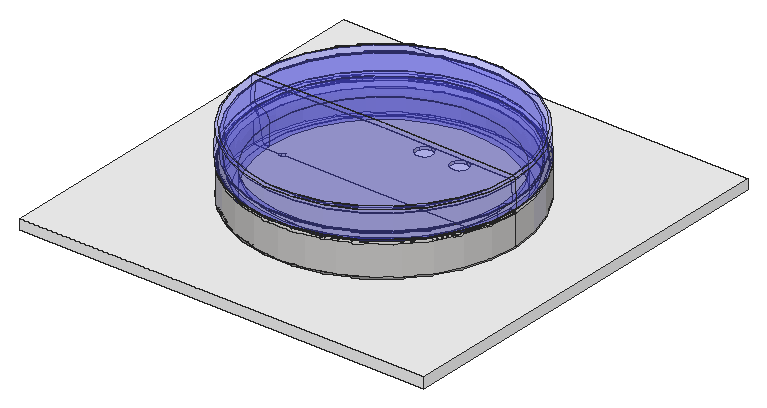
Revit family "BE_12130.2_de_DE", category Leuchten, Revit 2020
Family settings
  Basisbauteil = Fläche
  Bemaßung runder Anschluss = Durchmesser verwenden
  Teiletyp = Normal
  Beim Laden mit Abzugskörper schneiden = Ja
  Lichtquelle = Ja
  Gemeinsam genutzt = Nein
  Raumberechnungspunkt = Ja
Parameters (values of type "BEGA_12130.2_K3")
  built-in parameter 1150104 = 11.052 (stored number, unit not read)
  Wattage = 17.4 W
  Default Elevation = 0 mm
  built-in parameter 1150113 = 1 (stored number, unit not read)
  built-in parameter 1114218 = 1 (stored number, unit not read)
  Umgebungstemperatur = "25 °C"
  URL = "http://www.bega.de/de/produkt/12130.2"
  Typenkommentare = "© 2022 BEGA. Wir behalten uns das Recht vor, technische Änderungen ohne vorherige Ankündigung vorzunehmen."  # constant formula
  Type Image = 12130.2.png
  built-in parameter 1150134 = 12
  built-in parameter 1150109 = 1 (stored number, unit not read)
  Strom = ""
  built-in parameter 1150110 = 1 (stored number, unit not read)
  Spannung = 239.996 V
  Sonderanfertigung = no
  Seriennummer [instance] = "Hier können Sie die eindeutige Seriennummer für das Facility Management eintragen."
  Schutzklasse = "I"
  Schutzart = "IP 64"
  Scheinlast = 0 VA
  Produktdatenblatt = "http://www.bega.de/download/Xrfa/db/12130.2.db.de.pdf"
  Oberflächentemperatur = ""
  Neigungswinkel = 0.00°
  Model = "12130.2K4"
  Material_17 = BEGA_Reflektor
  Material_15 = BEGA_Leuchtmedium_matt
  Material_11 = BEGA_Glas_opal
  Material_09 = BEGA_Glas_klar
  Material_06 = BEGA_Oberfläche_Edelstahl_gebürstet
  Material_05 = BEGA_Oberfläche_Aluminium Guss
  Material_03 = BEGA_Oberfläche_Weiss_matt
  Material_02 = BEGA_Oberfläche_Silber_matt
  Material_01 [instance] = BEGA_Oberfläche_Grafit_matt
  M_W = no
  M_G = no
  M_A = no
  Logo = 0
  built-in parameter 1114217 = 1 (stored number, unit not read)
  built-in parameter 1150139 = (empty or 0)
  built-in parameter 1150105 = 164.72 (stored number, unit not read)
  built-in parameter 1150114 = 1 (stored number, unit not read)
  Lumens = 2069.9 lm
  built-in parameter 1150115 = 1 (stored number, unit not read)
  Leuchtenlichtstrom = "1267 lm"
  Leuchtenanzahl = ""
  Lebensdauerkriterien = "L70B50 @ 25 °C = 232000 h"
  Lastklassifizierung = Beleuchtung
  built-in parameter 1150112 = 1 (stored number, unit not read)
  Lampenlichtstrom = "2040 lm"
  Lamp = "LED 14.2 W"
  LED_Modulbezeichnung = "LED-0854/940"
  Hersteller = "BEGA"  # constant formula
  Halbstreuwinkel = ""
  Gewicht = "2.4 kg"
  Gebrauchslageneinschränkung [instance] = ""
  Frequenz = "0/50-60 Hz"
  Farbwiedergabeindex = "CRI > 90"
  Farbtemperaturverschiebung bei Dämpfen der Lampe = <Keine Auswahl>
  Farbtemperatur = "4000 K"
  Color Filter = 16777215
  built-in parameter 1150133 = 10 (stored number, unit not read)
  Energieeffizienzklasse = "LED A++ - A"
  built-in parameter 1150137 = (empty or 0)
  built-in parameter 1150132 = (empty or 0)
  ENEC = "ja"
  Dimmbar [instance] = "DALI"
  Photometric Web File = "BE_12130.2K4.IES"
  CE_Konformität = "ja"
  Bestellnummer = "12130.2K4"
  Beschreibung_Sonderanfertigung = "Hier können Sie Informationen zur Sonderanfertigung eintragen."
  Beschreibung = "Decken- und Wandleuchte"
  built-in parameter 1150106 = 1.6472 (stored number, unit not read)
  Befestigungsbohrung = "Ø 5,5 mm"
  Befestigungsabstand = "190 mm"
  Ballwurfsicher = ""
  BEGA_Intern_aus = yes
  BEGA_Intern_an = yes
  BEGA_Intern_Konstruktion = yes
  BEGA_Intern = yes
  BEGA_IES = yes
  BEGA_Dummy = no
  Anschlussleitung = ""
  Anschlussleistung [instance] = "16.1 W"
  Anschlusskasten = ""
  built-in parameter 1150107 = 4000 (stored number, unit not read)
  built-in parameter 1150102 = (empty or 0)
  built-in parameter 1150138 = (empty or 0)
  Aktualisierung = "2019-07-05T04:00:16"
  Abstand_zur_angestrahlten_Fläche [instance] = ""
  AC/DC = "AC/DC"
Reference planes
  plane 1 "Mitte (Vorne/Hinten)": y = 0
  plane 2: z = 0
  plane 3 "Mitte (Links/Rechts)": x = 0
  plane 4 "Links": x = -131.499
  plane 5 "Rechts": x = 131.499
  plane 6 "Unten": y = -131.5
  plane 7 "Oben": y = 131.5
  plane 8 "Vorne": z = 67.043
  plane 9 "Hinten": z = 0
Forms (mm)
  Extrusion 1, solid, material "BEGA_Platte_Weiss"
    sketch origin (0, -1119.2, 0) x (1, 0, 0) y (0, 1, 0)
      loop
        line (-200, 1319.2) -> (-200, 919.2) -> (200, 919.2) -> (200, 1319.2) -> (-200, 1319.2)
    from 0 to -10
  Extrusion 2, solid, material "BEGA_Dummy_matt", visible <- "BEGA_Dummy"
    sketch origin (77.149, -76.023, 0) x (1, 0, 0) y (0, 1, 0)
      loop
        circle (-77.149, 76.023) r 131.499
    from 0 to 67.043
Dimensions and locks
  plane 1 "Mitte (Vorne/Hinten)" to Extrusion 1 = 200 mm
  aligned and locked: plane 2 to Extrusion 1
  aligned and locked: level to Extrusion 1
Nested families
  nested 1: "BE_12130.2" at (0, 0, 0), type "BE_12130.2"
Connectors
  electrical at (0, 0, 0), driven by "Lastklassifizierung", driven by "Spannung", driven by "Scheinlast"
    settings: index 1, voltage 239.996 V, apparent load 0 VA, apparent load phase1 0 VA, apparent load phase2 0 VA, apparent load phase3 0 VA, power factor 1, load classification "Beleuchtung", number of poles 1, system type 31, power factor state 1, is connector primary yes, connector utility no, sub classification motor no, connector description ""
Definition of nested family "BE_12130.2"
  Parameters (values of type "BE_12130.2")
    Default Elevation = 1 mm
    URL = "http://www.bega.de/de/produkt"
    Type Comments = "© 2015 BEGA. Wir behalten uns das Recht vor, technische Änderungen ohne vorherige Ankündigung vorzunehmen. "  # constant formula
    Type Image = (empty or 0)
    Neigungswinkel_um_Z2 = 0.00°
    Neigungswinkel_um_Z1 = 0.00°
    Neigungswinkel_um_Y2 = 0.00°
    Neigungswinkel_um_Y1 = 0.00°
    Neigungswinkel_um_X2 = 0.00°
    Neigungswinkel_um_X1 = 0.00°
    Material_17 = none
    Material_15 = none
    Material_11 = none
    Material_09 = none
    Material_06 = none
    Material_05 = none
    Material_03 = none
    Material_02 = none
    Material_01 = none
    M_W = yes
    M_G = yes
    M_A = yes
    Länge_Platte = 400 mm  # constant formula
    Höhe_Platte = -10 mm  # constant formula
    Manufacturer = "BEGA"  # constant formula
    Drehwinkel_um_Z2 = 0.00°
    Drehwinkel_um_Z1 = 0.00°
    Breite_Platte = 400 mm  # constant formula
  Reference planes
    plane 1 "Mitte (Oben/Unten)": y = 0
    plane 2: z = 0
    plane 3 "Mitte (Links/Rechts)": x = 0
    plane 4: x = -131.499
    plane 5: z = 67.043
    plane 6: x = 131.499
    plane 7: y = -131.5
    plane 8: y = 131.5
  Forms (mm)
    Extrusion 1, solid, detail levels medium
      sketch origin (0, 0, 0) x (1, 0, 0) y (0, 1, 0)
        loop
          line (-200, 200) -> (-200, -200) -> (200, -200) -> (200, 200) -> (-200, 200)
      from 0 to -10 <- "Höhe_Platte"
    Revolve 2, solid, material <- "Material_06", detail levels medium+fine
      sketch origin (0, 0, 0) x (1, 0, 0) y (0, 0, 1)
        loop
          arc (-130.4, 3.5) -> (-129.814, 2.086) -> (-128.39, 1.49) r 2
          line (-128.39, 1.49) -> (0, 1.49) -> (0, 3.5) -> (-128.2, 3.5)
          arc (-128.2, 3.5) -> (-128.907, 3.793) -> (-129.2, 4.5) r 1
          line (-129.2, 4.5) -> (-129.2, 33.002) -> (-124.849, 28.651) -> (-124, 29.499) -> (-128.093, 33.592)
          arc (-128.093, 33.592) -> (-128.532, 33.886) -> (-129.05, 33.99) r 1.35
          arc (-129.05, 33.99) -> (-130.003, 33.596) -> (-130.4, 32.645) r 1.35
          line (-130.4, 32.645) -> (-130.4, 3.5)
        axis (0, 1.49) -> (0, 33.99)
      angle from 0 to 360
    Revolve 3, solid, material <- "Material_06", detail levels medium+fine
      sketch origin (0, 0, 0) x (1, 0, 0) y (0, 0, 1)
        loop
          arc (-109.291, 0.446) -> (-108.533, 0.114) -> (-107.714, 0) r 3
          line (-107.714, 0) -> (-100, 0) -> (-100, 2.209) -> (-112.15, 2.209) -> (-109.291, 0.446)
        axis (-100, 0) -> (-100, 2.209)
      angle from 0 to 360
    Revolve 4, solid, material <- "Material_06", detail levels medium+fine
      sketch origin (0, 0, 0) x (-1, 0, 0) y (0, 0, -1)
        loop
          line (-109.291, -0.446) -> (-112.15, -2.209) -> (-100, -2.209) -> (-100, 0) -> (-107.714, 0)
          arc (-107.714, 0) -> (-108.533, -0.114) -> (-109.291, -0.446) r 3
        axis (-100, 0) -> (-100, -2.209)
      angle from 0 to 360
    Revolve 5, solid, material <- "Material_11", detail levels medium+fine
      sketch origin (0, 0, 0) x (1, 0, 0) y (0, 0, 1)
        loop
          arc (-128.634, 65.043) -> (-129.995, 64.466) -> (-130.588, 63.111) r 2
          line (-130.588, 63.111) -> (-131.499, 37.036)
          arc (-131.499, 37.036) -> (-130.952, 35.588) -> (-129.535, 34.964) r 2
          line (-129.535, 34.964) -> (-124.456, 34.876) -> (-118.5, 6.5) -> (-112.5, 6.5) -> (-112.5, 26.875)
          arc (-112.5, 26.875) -> (-115.966, 35.311) -> (-124.36, 38.875) r 12
          arc (-124.36, 38.875) -> (-126.497, 39.804) -> (-127.324, 41.983) r 3
          line (-127.324, 41.983) -> (-126.762, 58.054)
          arc (-126.762, 58.054) -> (-125.872, 60.084) -> (-123.83, 60.948) r 3
          arc (-123.83, 60.948) -> (-61.918, 62.105) -> (0, 62.842) r 9145.004
          line (0, 62.842) -> (0, 67.043)
          arc (0, 67.043) -> (-64.321, 66.269) -> (-128.634, 65.043) r 9149.205
        axis (0, 6.5) -> (0, 67.043)
      angle from 0 to 360
    Extrusion 6, void
      sketch origin (0, 0, 0) x (0.939692, -0.342021, 0) y (0.342021, 0.939692, 0)
        loop
          circle (-41.07, 61.673) r 8.461
        loop
          circle (-93.969, -34.202) r 2.75
        loop
          circle (93.969, 34.202) r 2.75
        loop
          circle (-8.181, 73.643) r 8.461
      from 0 to 10
  Cuts and joins
    Extrusion 6 cuts Revolve 2
    Extrusion 6 cuts Revolve 3
    Extrusion 6 cuts Revolve 4
    joined: Revolve 2, Revolve 3, Revolve 4
  Dimensions and locks
    equal spacing: Extrusion 1 sketch curve, plane 3 "Mitte (Links/Rechts)", Extrusion 1 sketch curve
    equal spacing: Extrusion 1 sketch curve, plane 1 "Mitte (Oben/Unten)", Extrusion 1 sketch curve
    "Länge_Platte": Extrusion 1 sketch curve to Extrusion 1 sketch curve
    "Breite_Platte": Extrusion 1 sketch curve to Extrusion 1 sketch curve
    aligned and locked: plane 2 to Extrusion 1
    aligned and locked: level to Extrusion 1
  Automatic sketch dimensions
    Revolve 2 sketch curve to Revolve 2 sketch curve = 0 mm  (x7)
    Revolve 2 sketch curve to plane 3 "Mitte (Links/Rechts)" = 0 mm  (x2)
    level to Revolve 2 sketch curve = 29.499 mm
    level to Revolve 2 sketch curve = 28.651 mm
    Revolve 2 sketch curve to Revolve 2 sketch curve = 0.849 mm
    level to Revolve 2 sketch curve = 33.592 mm
    Revolve 2 sketch curve to Revolve 2 sketch curve = 4.093 mm
    level to Revolve 2 sketch curve = 3.5 mm
    Revolve 2 sketch curve to Revolve 2 sketch curve = 3.351 mm
    Revolve 2 sketch curve to Revolve 2 sketch curve = 0.2 mm
    Revolve 2 sketch curve to Revolve 2 sketch curve = 0.957 mm
    level to Revolve 2 sketch curve = 33.002 mm
    Revolve 2 sketch curve to Revolve 2 sketch curve = 0.15 mm  (x2)
    Revolve 2 sketch curve to Revolve 2 sketch curve = 1.2 mm
    level to Revolve 2 sketch curve = 1.49 mm
    Revolve 2 sketch curve to Revolve 2 sketch curve = 0.362 mm
    Revolve 2 sketch curve to Revolve 2 sketch curve = 0.357 mm
    Revolve 2 sketch curve to Revolve 2 sketch curve = 0.01 mm  (x2)
    Revolve 2 sketch curve to level = 1.538 mm
    Revolve 2 sketch curve to Revolve 2 sketch curve = 1 mm
    Revolve 2 sketch curve to Revolve 2 sketch curve = 8.697 mm
    Revolve 5 sketch curve to Revolve 5 sketch curve = 0 mm  (x10)
    Revolve 5 sketch curve to plane 3 "Mitte (Links/Rechts)" = 0 mm  (x2)
    level to Revolve 5 sketch curve = 6.5 mm
    Revolve 5 sketch curve to Revolve 5 sketch curve = 6 mm
    Revolve 5 sketch curve to Revolve 5 sketch curve = 11.264 mm
    Revolve 5 sketch curve to Revolve 5 sketch curve = 0.561 mm
    level to Revolve 5 sketch curve = 34.876 mm
    Revolve 5 sketch curve to Revolve 5 sketch curve = 0.131 mm
    Revolve 5 sketch curve to Revolve 5 sketch curve = 0.044 mm
    level to Revolve 5 sketch curve = 41.983 mm
    Revolve 5 sketch curve to Revolve 5 sketch curve = 2.998 mm  (x2)
    Revolve 5 sketch curve to Revolve 5 sketch curve = 4.825 mm
    Revolve 5 sketch curve to Revolve 5 sketch curve = 5.044 mm
    Revolve 5 sketch curve to Revolve 5 sketch curve = 1.999 mm  (x2)
    level to Revolve 5 sketch curve = 37.036 mm
    plane 3 "Mitte (Links/Rechts)" to Revolve 5 sketch curve = 77.874 mm
    Revolve 5 sketch curve to level = 9081.831 mm
    Revolve 5 sketch curve to Revolve 5 sketch curve = 8 mm
    Revolve 5 sketch curve to Revolve 5 sketch curve = 0.072 mm
    Revolve 5 sketch curve to Revolve 5 sketch curve = 0.109 mm
    Revolve 5 sketch curve to Revolve 5 sketch curve = 16.075 mm
    level to Revolve 5 sketch curve = 62.842 mm
    Revolve 5 sketch curve to Revolve 5 sketch curve = 5.094 mm
    Revolve 5 sketch curve to Revolve 5 sketch curve = 0.068 mm
    Revolve 5 sketch curve to Revolve 5 sketch curve = 4.201 mm
    Revolve 5 sketch curve to Revolve 5 sketch curve = 0.065 mm
    Revolve 5 sketch curve to Revolve 5 sketch curve = 0.001 mm  (x2)
    Revolve 5 sketch curve to Revolve 5 sketch curve = 0.035 mm  (x2)
    Revolve 5 sketch curve to Revolve 5 sketch curve = 0.045 mm
    level to Revolve 5 sketch curve = 34.964 mm
    Revolve 5 sketch curve to Revolve 5 sketch curve = 0.105 mm
    Revolve 5 sketch curve to Revolve 5 sketch curve = 1.307 mm
    Revolve 2 sketch curve to plane 4 = 7.499 mm
    Revolve 5 sketch curve to plane 4 = 18.999 mm
    level to Revolve 3 sketch curve = 2.209 mm
    level to Revolve 3 sketch curve = 3 mm
    Revolve 3 sketch curve to Revolve 3 sketch curve = 4.435 mm
    Revolve 3 sketch curve to Revolve 3 sketch curve = 7.714 mm
    Revolve 3 sketch curve to level = 0 mm
    level to Revolve 3 sketch curve = 0.446 mm
    Revolve 3 sketch curve to Revolve 3 sketch curve = 1.577 mm
    Revolve 3 sketch curve to Revolve 3 sketch curve = 0.002 mm
    Revolve 3 sketch curve to Revolve 3 sketch curve = 0 mm
    Revolve 3 sketch curve to Revolve 3 sketch curve = 0.649 mm
    Revolve 3 sketch curve to Revolve 3 sketch curve = 0.587 mm
    level to Revolve 4 sketch curve = 2.209 mm
    level to Revolve 4 sketch curve = 3 mm
    Revolve 4 sketch curve to Revolve 4 sketch curve = 4.435 mm
    Revolve 4 sketch curve to Revolve 4 sketch curve = 7.714 mm
    Revolve 4 sketch curve to level = 0 mm
    level to Revolve 4 sketch curve = 0.446 mm
    Revolve 4 sketch curve to Revolve 4 sketch curve = 1.577 mm
    Revolve 4 sketch curve to Revolve 4 sketch curve = 0.002 mm
    Revolve 4 sketch curve to Revolve 4 sketch curve = 0 mm
    Revolve 4 sketch curve to Revolve 4 sketch curve = 0.587 mm
    Revolve 4 sketch curve to Revolve 4 sketch curve = 0.649 mm
    Extrusion 6 sketch curve to plane 1 "Mitte (Oben/Unten)" = 0 mm
    Extrusion 6 sketch curve to plane 4 = 31.499 mm
    Extrusion 6 sketch curve to Extrusion 6 sketch curve = 52.899 mm
    Extrusion 6 sketch curve to Extrusion 6 sketch curve = 32.889 mm
    Extrusion 6 sketch curve to Extrusion 6 sketch curve = 68.404 mm
    Extrusion 6 sketch curve to Extrusion 6 sketch curve = 95.875 mm
    Extrusion 6 sketch curve to Extrusion 6 sketch curve = 11.971 mm
    Extrusion 6 sketch curve to Extrusion 6 sketch curve = 102.15 mm
    radius of Extrusion 6 sketch curve = 8.461 mm  (x2)
    radius of Extrusion 6 sketch curve = 2.75 mm  (x2)
